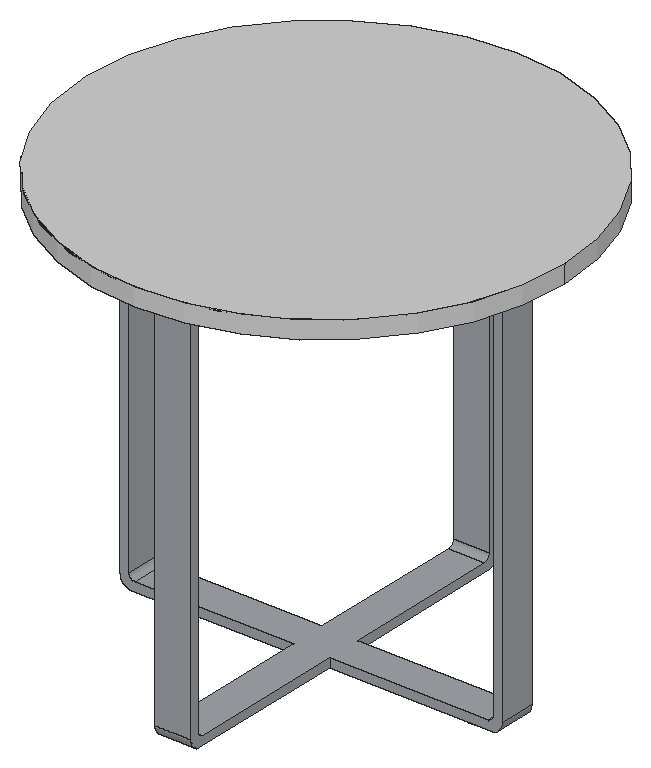
Revit family
Parameters
  URL = "http://www.martinbrattrud.com"
  Table [instance] = none
  SCS Certified Product = "Yes"
  Model = "Serif 531-20CLC"
  Manufacturer = "Martin Brattrud, Inc."
  Legs [instance] = none
  Keynote = "125000"
  Copyright = "© 2013 Martin Brattrud, Inc."
  Authoring Version = "Revit Architecture 2010"
  Assembly Code = "E2020200"
Reference planes (in)
  plane 1 "Center Front/Back": y = 0
  plane 2: z = 0
  plane 3 "Center Left/Right": x = 0
  plane 4: z = 0
  plane 5: z = 18.25
Forms (in)
  Extrusion 1, solid, material <- "Legs"
    sketch origin (0, 0, -2.2475) x (0, 1, 0) y (0, 0, 1)
      loop
        arc (8, 19.185) -> (7.85355, 19.53855) -> (7.5, 19.685) r 0.5
        line (7.5, 19.685) -> (-7.5, 19.685)
        arc (-7.5, 19.685) -> (-7.85355, 19.53855) -> (-8, 19.185) r 0.5
        line (-8, 19.185) -> (-8, 2.935)
        arc (-8, 2.935) -> (-7.85355, 2.58145) -> (-7.5, 2.435) r 0.5
        line (-7.5, 2.435) -> (7.5, 2.435)
        arc (7.5, 2.435) -> (7.85355, 2.58145) -> (8, 2.935) r 0.5
        line (8, 2.935) -> (8, 19.185)
      loop
        arc (7.625, 19.06) -> (7.55178, 19.23678) -> (7.375, 19.31) r 0.25
        line (7.375, 19.31) -> (-7.375, 19.31)
        arc (-7.375, 19.31) -> (-7.55178, 19.23678) -> (-7.625, 19.06) r 0.25
        line (-7.625, 19.06) -> (-7.625, 3.06)
        arc (-7.625, 3.06) -> (-7.55178, 2.88322) -> (-7.375, 2.81) r 0.25
        line (-7.375, 2.81) -> (7.375, 2.81)
        arc (7.375, 2.81) -> (7.55178, 2.88322) -> (7.625, 3.06) r 0.25
        line (7.625, 3.06) -> (7.625, 19.06)
    from -0.75 to 0.75
  Revolve 2, solid
    sketch origin (0, 0, -2.2475) x (0, 1, 0) y (0, 0, 1)
      loop
        line (-6.4375, 2.2475) -> (-6.4375, 2.435) -> (-7, 2.435) -> (-7, 2.3725)
        arc (-7, 2.3725) -> (-6.96339, 2.28411) -> (-6.875, 2.2475) r 0.125
        line (-6.875, 2.2475) -> (-6.4375, 2.2475)
      axis (-6.4375, 2.2475) -> (-6.4375, 2.435)
    angle from 0 to 360
  Revolve 3, solid
    sketch origin (0, 6.4375, -2.2475) x (0, 1, 0) y (0, 0, 1)
      loop
        line (-6.4375, 2.2475) -> (-6.4375, 2.435) -> (-7, 2.435) -> (-7, 2.3725)
        arc (-7, 2.3725) -> (-6.96339, 2.28411) -> (-6.875, 2.2475) r 0.125
        line (-6.875, 2.2475) -> (-6.4375, 2.2475)
      axis (-6.4375, 2.2475) -> (-6.4375, 2.435)
    angle from 0 to 360
  Revolve 4, solid
    sketch origin (0, 12.875, -2.2475) x (0, 1, 0) y (0, 0, 1)
      loop
        line (-6.4375, 2.2475) -> (-6.4375, 2.435) -> (-7, 2.435) -> (-7, 2.3725)
        arc (-7, 2.3725) -> (-6.96339, 2.28411) -> (-6.875, 2.2475) r 0.125
        line (-6.875, 2.2475) -> (-6.4375, 2.2475)
      axis (-6.4375, 2.2475) -> (-6.4375, 2.435)
    angle from 0 to 360
  Extrusion 5, solid, material <- "Legs"
    sketch origin (0, 0, -2.2475) x (-1, 0, 0) y (0, 0, 1)
      loop
        arc (8, 19.185) -> (7.85355, 19.53855) -> (7.5, 19.685) r 0.5
        line (7.5, 19.685) -> (-7.5, 19.685)
        arc (-7.5, 19.685) -> (-7.85355, 19.53855) -> (-8, 19.185) r 0.5
        line (-8, 19.185) -> (-8, 2.935)
        arc (-8, 2.935) -> (-7.85355, 2.58145) -> (-7.5, 2.435) r 0.5
        line (-7.5, 2.435) -> (7.5, 2.435)
        arc (7.5, 2.435) -> (7.85355, 2.58145) -> (8, 2.935) r 0.5
        line (8, 2.935) -> (8, 19.185)
      loop
        arc (7.625, 19.06) -> (7.55178, 19.23678) -> (7.375, 19.31) r 0.25
        line (7.375, 19.31) -> (-7.375, 19.31)
        arc (-7.375, 19.31) -> (-7.55178, 19.23678) -> (-7.625, 19.06) r 0.25
        line (-7.625, 19.06) -> (-7.625, 3.06)
        arc (-7.625, 3.06) -> (-7.55178, 2.88322) -> (-7.375, 2.81) r 0.25
        line (-7.375, 2.81) -> (7.375, 2.81)
        arc (7.375, 2.81) -> (7.55178, 2.88322) -> (7.625, 3.06) r 0.25
        line (7.625, 3.06) -> (7.625, 19.06)
    from -0.75 to 0.75
  Revolve 6, solid
    sketch origin (0, 0, -2.2475) x (-1, 0, 0) y (0, 0, 1)
      loop
        line (-6.4375, 2.2475) -> (-6.4375, 2.435) -> (-7, 2.435) -> (-7, 2.3725)
        arc (-7, 2.3725) -> (-6.96339, 2.28411) -> (-6.875, 2.2475) r 0.125
        line (-6.875, 2.2475) -> (-6.4375, 2.2475)
      axis (-6.4375, 2.2475) -> (-6.4375, 2.435)
    angle from 0 to 360
  Revolve 7, solid
    sketch origin (-12.875, 0, -2.2475) x (-1, 0, 0) y (0, 0, 1)
      loop
        line (-6.4375, 2.2475) -> (-6.4375, 2.435) -> (-7, 2.435) -> (-7, 2.3725)
        arc (-7, 2.3725) -> (-6.96339, 2.28411) -> (-6.875, 2.2475) r 0.125
        line (-6.875, 2.2475) -> (-6.4375, 2.2475)
      axis (-6.4375, 2.2475) -> (-6.4375, 2.435)
    angle from 0 to 360
  Extrusion 8, solid, material <- "Table"
    sketch origin (0, 0, -1.9975) x (1, 0, 0) y (0, 1, 0)
      loop
        circle (0, 0) r 10
    from 19.4975 to 20.2475
Cuts and joins
  joined: Extrusion 1, Extrusion 5
